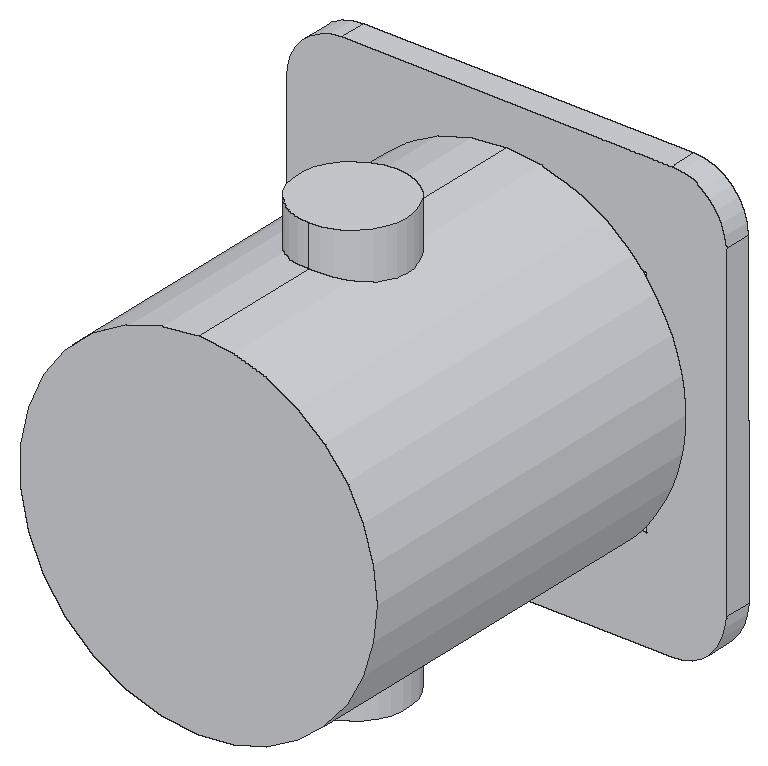
Revit family "EI_Temperaturfuehler_V1700", category Elektroinstallationen, Revit 2017
Family settings
  Beschriftungsausrichtung beibehalten = Ja
  Bemaßung runder Anschluss = Durchmesser verwenden
  Teiletyp = Normal
  OmniClass-Nummer = 23.80.00.00
  OmniClass-Titel = Electric Power and Lighting
  Arbeitsebenenbasiert = Nein
  Immer vertikal = Ja
  Beim Laden mit Abzugskörper schneiden = Ja
  Gemeinsam genutzt = Nein
  Raumberechnungspunkt = Nein
Parameters (values of type "aussen")
  pbr_Material_KZ = ""
  pbr_Material = none
  pbr_E_Typ = ""
  pbr_E_KZ = ""
  pbr_DINBild = 0
  pbr_Bild = 0
  pbr_3Dx_Delta_Korrekturversatz [instance] = 0 mm
  pbr_3DX_Versatzfaktor [instance] = 0
  pbr_2DY_Versatzfaktor [instance] = 0
  pbr_2DX_Versatzfaktor [instance] = 0
  cpiFitMatchKey [instance] = "D  TF-H"
  Zentrale [instance] = ""
  Wirkleistung [instance] = 0 W
  Winkel [instance] = 90.00°
  Typ [instance] = ""
  Text3 [instance] = ""
  Text2 [instance] = ""
  Text1 [instance] = ""
  Temperaturfühler = no
  Spannung [instance] = 0
  Scheinleistung [instance] = 0 VA
  Schaltgruppe2 [instance] = 0
  Schaltgruppe1 [instance] = 0
  Polig [instance] = 1
  Planungsbüro Rohling = "www.pbr.de"
  Nennstrom [instance] = 0
  Menge(Dosenzahl) [instance] = 0
  Linie/Anschluss [instance] = ""
  Leistungsfaktor [instance] = 0
  Lastklassifizierung = none
  Installationsart [instance] = ""
  Info [instance] = ""
  Gleichzeitigkeitsfaktor3 [instance] = 0
  Gleichzeitigkeitsfaktor2 [instance] = 0
  Gleichzeitigkeitsfaktor1 [instance] = 0
  Gewerk [instance] = "MSR"
  Eckversatz [instance] = 0 mm
  YFrontversatz [instance] = if(pbr_2DY_Versatzfaktor = 300, 0 mm, pbr_2DY_Versatzfaktor * 300 mm)  # 0 mm
  XSeitenversatz [instance] = if(pbr_2DX_Versatzfaktor = 0, 3000 mm, 3000 mm + (pbr_2DX_Versatzfaktor * 300 mm)) + Eckversatz  # 3000 mm
  X3Dversatz [instance] = if([3DX_Versatzkontrolle] = 0, 2000 mm, 2000 mm + ([3DX_Versatzkontrolle] * (300 mm - 80 mm))) + pbr_3Dx_Delta_Korrekturversatz  # 2000 mm
  Steckdosenradius = 20 mm
  R_Leerrohranschluss = 10 mm
  Niveau [instance] = 300 mm
  Dosentiefe = 70 mm  # constant formula
  Dosenradius = 65 mm / 2  # 32.5 mm
  D_Leerrohranschluss = 2 * R_Leerrohranschluss  # 20 mm
  Außentemperaturfühler = yes
  Anlaufstrom [instance] = 0
  Abdeckrahmen_breite = 80 mm
  3DX_Versatzkontrolle [instance] = if(pbr_3DX_Versatzfaktor = 0, (pbr_2DX_Versatzfaktor * -1), (((-1 * pbr_3DX_Versatzfaktor) + pbr_2DX_Versatzfaktor) * -1))  # 0
  Platzierrahmen [instance] = no
Types (2, lengths in mm): name | Temperaturfühler | Außentemperaturfühler
  allgemein | yes | no
  aussen | no | yes
Reference planes
  plane 1 "Mitte (Vorne/Hinten)": y = 0
  plane 2: z = 0
  plane 3 "Mitte (Links/Rechts)": x = 0
  plane 4: x = -125
  plane 5: x = 125
  plane 6: y = 300
  plane 7 "Schalterhinten": y = 0
  plane 8: x = -3000
  plane 9: x = 0
  plane 10: x = -2000
  plane 11: x = -40
  plane 12: x = 40
  plane 13: z = 340
  plane 14: z = 260
  plane 15 "SchalterVorne": y = 5
  plane 16 "3DSchalterMitte": x = 0
  plane 17 "Achse": z = 300
  plane 18: y = -70
  plane 19: y = -35
  plane 20: z = 320
  plane 21: z = 280
  plane 22 "EDV01": x = -20
  plane 23 "EDV2": x = 20
  plane 24: y = 150
Forms (mm)
  Extrusion 1, solid
    sketch origin (0, 20, 0) x (0, 0, 1) y (-1, 0, 0)
      loop
        line (260, 30) -> (260, -30)
        arc (260, -30) -> (262.929, -37.071) -> (270, -40) r 10
        line (270, -40) -> (330, -40)
        arc (330, -40) -> (337.071, -37.071) -> (340, -30) r 10
        line (340, -30) -> (340, 30)
        arc (340, 30) -> (337.071, 37.071) -> (330, 40) r 10
        line (330, 40) -> (270, 40)
        arc (270, 40) -> (262.929, 37.071) -> (260, 30) r 10
    from 15 to 20
  Sweep 2, solid
    path origin (0, 0, 0) x (0, 0, 1) y (0, -1, 0)
      loop
        line (300, 0) -> (300, 70)
    profile origin (0, -35, 300) x (0, 0, -1) y (1, 0, 0)
      loop
        circle (0, 0) r 32.5
  Sweep 3, solid
    path origin (0, 0, 0) x (0, 0, 1) y (0, -1, 0)
      loop
        line (260, 35) -> (340, 35)
    profile origin (0, -35, 300) x (0, -1, 0) y (1, 0, 0)
      loop
        circle (0, 0) r 10
  Sweep 4, void
    path origin (20, 0, 0) x (0, 0, 1) y (0, -1, 0)
      loop
        line (300, -5) -> (300, 0)
    profile origin (20, 2.5, 300) x (0, 0, -1) y (1, 0, 0)
      loop
        line (21.25, 5.5) -> (-21.25, 5.5) -> (-21.25, -45.5) -> (21.25, -45.5) -> (21.25, 5.5)
Cuts and joins
  Sweep 4 cuts Extrusion 1
  Sweep 4 cuts Sweep 2
  Sweep 4 cuts Sweep 3
  joined: Extrusion 1, Sweep 2, Sweep 3
Dimensions and locks
  plane 4 to plane 5 = 250 mm
  plane 6 to plane 7 "Schalterhinten" = 300 mm
  equal spacing: plane 4, plane 9, plane 5, locked at 125 each
  "XSeitenversatz": plane 8 to plane 9
  plane 8 to plane 3 "Mitte (Links/Rechts)" = 3000 mm
  "YFrontversatz": plane 1 "Mitte (Vorne/Hinten)" to plane 7 "Schalterhinten"
  "Abdeckrahmen_breite": plane 12 to plane 11
  plane 13 to plane 14 = 80 mm
  plane 9 to plane 10 = 2000 mm
  equal spacing: plane 12, plane 16 "3DSchalterMitte", plane 11
  "X3Dversatz": plane 16 "3DSchalterMitte" to plane 10
  equal spacing: plane 13, plane 17 "Achse", plane 14
  "Niveau": plane 17 "Achse" to level
  "Dosentiefe": plane 1 "Mitte (Vorne/Hinten)" to plane 18
  plane 15 "SchalterVorne" to plane 1 "Mitte (Vorne/Hinten)" = 5 mm
  equal spacing: plane 18, plane 19, plane 1 "Mitte (Vorne/Hinten)"
  plane 13 to plane 20 = 20 mm
  plane 21 to plane 14 = 20 mm
  plane 22 "EDV01" to plane 11 = 20 mm
  plane 12 to plane 23 "EDV2" = 20 mm
  equal spacing: plane 6, plane 24, plane 7 "Schalterhinten"
  locked: Sweep 4 sketch curve to plane 21 at 1.25
  locked: plane 20 to Sweep 4 sketch curve at 1.25
  locked: plane 22 "EDV01" to Sweep 4 sketch curve at 5.5
  locked: Sweep 4 sketch curve to plane 23 "EDV2" at 5.5
  "Dosenradius": radius of Sweep 2 sketch curve
  "R_Leerrohranschluss": radius of Sweep 3 sketch curve
  aligned and locked: level to plane 2
  aligned and locked: plane 14 to Extrusion 1 sketch curve
  aligned and locked: plane 11 to Extrusion 1 sketch curve
  aligned and locked: Extrusion 1 sketch curve to plane 13
  aligned and locked: Extrusion 1 sketch curve to plane 12
  aligned and locked: plane 1 "Mitte (Vorne/Hinten)" to Extrusion 1
  aligned and locked: Extrusion 1 to plane 15 "SchalterVorne"
  aligned and locked: nested 1 to plane 9
  aligned and locked: nested 1 to plane 7 "Schalterhinten"
  aligned and locked: nested 2 to plane 9
  aligned and locked: nested 2 to plane 7 "Schalterhinten"
Automatic sketch dimensions
  Sweep 2 sketch curve to plane 17 "Achse" = 0 mm
  Sweep 2 sketch curve to plane 1 "Mitte (Vorne/Hinten)" = 0 mm
  Sweep 2 sketch curve to plane 18 = 0 mm
  plane 16 "3DSchalterMitte" to Sweep 2 sketch curve = 0 mm
  Sweep 2 sketch curve to profile plane = 0 mm
  Sweep 3 sketch curve to plane 14 = 0 mm
  plane 13 to Sweep 3 sketch curve = 0 mm
  Sweep 3 sketch curve to plane 19 = 0 mm
  Sweep 3 sketch curve to plane 16 "3DSchalterMitte" = 0 mm
  Sweep 3 sketch curve to profile plane = 0 mm
  Sweep 4 sketch curve to plane 1 "Mitte (Vorne/Hinten)" = 0 mm
  Sweep 4 sketch curve to plane 17 "Achse" = 0 mm
  Sweep 4 sketch curve to plane 15 "SchalterVorne" = 0 mm
  plane 11 to Extrusion 1 sketch curve = 10 mm  (x2)
  Extrusion 1 sketch curve to Extrusion 1 sketch curve = 10 mm  (x2)
Nested families
  nested 1: "Temperaturfühler" at (0, 0, 0), visible <- "Temperaturfühler", Winkel <- "Winkel", type "Temperaturfühler"
    with Winkel 90.00°
  nested 2: "Außentemperaturfühler" at (0, 0, 0), visible <- "Außentemperaturfühler", Winkel <- "Winkel", type "Außentemperaturfühler"
    with Winkel 90.00°
Connectors
  electrical at (0, -35, 340)
    settings: on cut or joined group of Extrusion 1, Sweep 2, Sweep 3, Sweep 4, index 1, voltage 230 V, apparent load 0 VA, apparent load phase1 0 VA, apparent load phase2 0 VA, apparent load phase3 0 VA, power factor 1, load classification "Elektro", number of poles 1, system type 13, power factor state 1, is connector primary yes, connector utility no, sub classification motor no, connector description ""
  cabletrayconduit at (0, -35, 340), diameter 20, driven by "D_Leerrohranschluss"
    settings: on cut or joined group of Extrusion 1, Sweep 2, Sweep 3, Sweep 4, index 2, connector width 300 mm, connector height 300 mm, connector angle 0.00°, system type 32, placement type 0, profile type 0, connector reference index -1, is primary connector yes, connector utility param no, connector description ""
  cabletrayconduit at (0, -35, 260), diameter 20, driven by "D_Leerrohranschluss"
    settings: on cut or joined group of Extrusion 1, Sweep 2, Sweep 3, Sweep 4, index 3, connector width 300 mm, connector height 300 mm, connector angle 0.00°, system type 32, placement type 0, profile type 0, connector reference index -1, is primary connector no, connector utility param no, connector description ""
Definition of nested family "Temperaturfühler"
  Parameters (values of type "Temperaturfühler")
    Winkel [instance] = 90.00°
    T = yes
  Reference planes
    plane 1 "Mitte (Vorne/Hinten)": y = 0
    plane 2: z = 0
    plane 3 "Mitte (Links/Rechts)": x = 0
  Lines and regions (mm)
    Filled region 1, type "Flächenfüllung Schwarz", in view "Referenzebene"
      outline origin (-19.003, 3.149, 0) x (1, 0, 0) y (0, 1, 0)
        loop
          line (-106.763, 32.402) -> (-17.408, 32.402) -> (-56.483, 151.508) -> (-70.05, 151.508) -> (-106.763, 32.402)
        loop
          line (-89.131, 46.47) -> (-36.222, 46.47) -> (-63.517, 138.901) -> (-89.131, 46.47)
    Filled region 2, type "Beton", in view "Referenzebene", visible <- "T"
      outline origin (-1041.345, -899.752, 0) x (1, 0, 0) y (0, 1, 0)
        loop
          line (1098.534, 942.626) -> (1098.534, 1099.344) -> (1156.517, 1099.344) -> (1156.517, 1120.011) -> (1016.517, 1120.011) -> (1016.517, 1099.344) -> (1075.113, 1099.344) -> (1075.113, 942.626) -> (1098.534, 942.626)
    detail lines, in view "Referenzebene"
      curve 1: line (-134.872, 270, 0) -> (135.128, 270, 0)
      curve 2: line (135.128, 270, 0) -> (135.128, 0, 0)
      curve 3: line (135.128, 0, 0) -> (-134.872, 0, 0)
      curve 4: line (-134.872, 0, 0) -> (-134.872, 270, 0)
  Dimensions and locks
    curve 4 to plane 3 "Mitte (Links/Rechts)" to curve 2 = 134.872 mm, 135.128 mm
Definition of nested family "Außentemperaturfühler"
  Parameters (values of type "Außentemperaturfühler")
    Winkel [instance] = 90.00°
    T = yes
    A = yes
  Reference planes
    plane 1 "Mitte (Vorne/Hinten)": y = 0
    plane 2: z = 0
    plane 3 "Mitte (Links/Rechts)": x = 0
  Lines and regions (mm)
    Filled region 1, type "Flächenfüllung Schwarz", in view "Referenzebene"
      outline origin (-14.464, -7.915, 0) x (1, 0, 0) y (0, 1, 0)
        loop
          line (-58.456, 158.055) -> (-71.853, 158.055) -> (-108.392, 39.026) -> (-19.237, 39.026) -> (-58.456, 158.055)
        loop
          line (-65.296, 146.205) -> (-90.887, 53.032) -> (-37.943, 53.032) -> (-65.296, 146.205)
    Filled region 2, type "Beton", in view "Referenzebene", visible <- "A"
      outline origin (2231.686, -960.541, 0) x (1, 0, 0) y (0, 1, 0)
        loop
          line (-2102.291, 942.626) -> (-2077.464, 942.626) -> (-2057.901, 996.376) -> (-1983.637, 996.376) -> (-1962.821, 942.626) -> (-1936.216, 942.626) -> (-2008.949, 1120.011) -> (-2033.949, 1120.011) -> (-2102.291, 942.626)
        loop
          line (-2051.01, 1015.307) -> (-1990.968, 1015.307) -> (-2022.201, 1101.118) -> (-2051.01, 1015.307)
    Filled region 3, type "Beton", in view "Referenzebene", visible <- "T"
      outline origin (-1036.806, -910.816, 0) x (1, 0, 0) y (0, 1, 0)
        loop
          line (1098.534, 942.626) -> (1098.534, 1099.344) -> (1156.517, 1099.344) -> (1156.517, 1120.011) -> (1016.517, 1120.011) -> (1016.517, 1099.344) -> (1075.113, 1099.344) -> (1075.113, 942.626) -> (1098.534, 942.626)
    detail lines, in view "Referenzebene"
      curve 1: line (-135, 270, 0) -> (135, 270, 0)
      curve 2: line (135, 270, 0) -> (135, 0, 0)
      curve 3: line (135, 0, 0) -> (-135, 0, 0)
      curve 4: line (-135, 0, 0) -> (-135, 270, 0)
  Dimensions and locks
    curve 4 to plane 3 "Mitte (Links/Rechts)" to curve 2 = 135 mm, 135 mm
